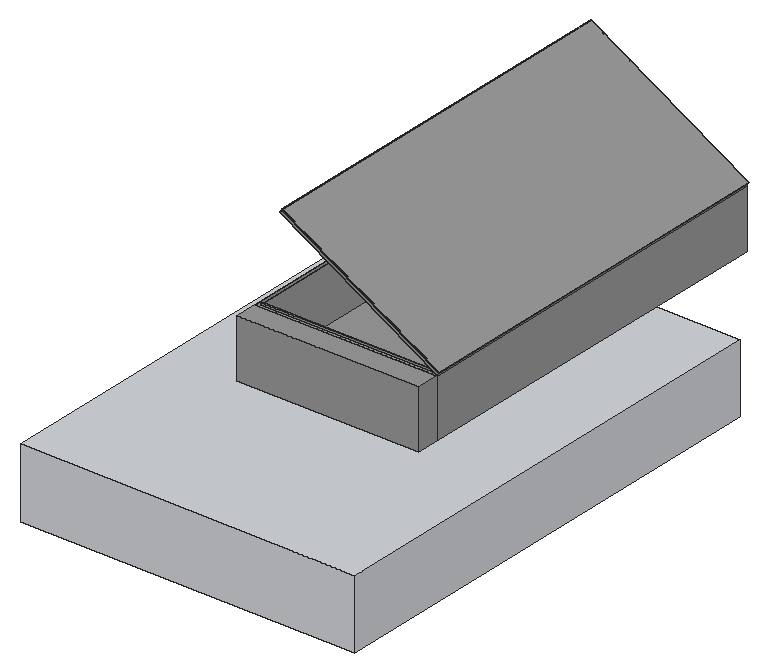
Revit family "Hager-Univers-IP55-D275-H1800-Cl.II-Steel_encl-CH-it", category Equipement électrique, Revit 2020
Family settings
  Hôte = Face
  Configuration du panneau = Deux colonnes, circuits au sein
  Cote de connecteur circulaire = Utiliser le diamètre
  Type d'élément = Tableau de raccordement
  Couper avec des vides une fois chargée = Non
  Partagée = Non
  Point de calcul de pièce = Non
Parameters (values of type "montaggio a pavimento IP55 L800 A1800 P275  - FR13S1")
  Width Control [instance] = if([EF000008 - Larghezza] > Min Width, [EF000008 - Larghezza], Min Width)  # 800 mm
  Commentaires du type = [HG000003 - Gamma]  # "Univers"
  Thickness Door [instance] = if([EF009171 - spessore materiale porta/coperchio] > 3 mm, 3 mm, [EF009171 - spessore materiale porta/coperchio])  # 1.5 mm
  Seal Frame Offset [instance] = 17 mm  # constant formula
  Plinth Visibility [instance] = [HG000027 - Altezza dello zoccolo] > 0 mm  # yes
  Model = ""
  Min Width [instance] = 100 mm  # constant formula
  Min Height [instance] = 100 mm  # constant formula
  Min Depth [instance] = (2 * [EF009170 - spessore materiale scatola]) + 1 mm  # 4 mm
  Internal Frame Depth [instance] = (Door System Depth * 0.5)  # 9 mm
  Height Control [instance] = if([EF000040 - Altezza] > Min Height, [EF000040 - Altezza], Min Height)  # 1800 mm
  HG000027 - Altezza dello zoccolo = 100 mm
  HG000026 - A pavimento = yes
  HG000024 - Altezza della sezione inferiore = 800 mm
  HG000023 - Custodia a doppia sezione = no
  HG000016 - Visibilità delle porte nella vista 3D [instance] = yes
  HG000015 - Visibilità attraverso la porta [instance] = no
  HG000014 - Porta destra [instance] = yes
  HG000013 - Porta sinistra [instance] = not([HG000014 - Porta destra])  # no
  HG000012 - Angolo di apertura della porta [instance] = 30.00°
  HG000010 - Porte asimmetriche = no
  HG000009 - Porta doppia a battente = no
  HG000006 - Ad incasso = no
  HG000004 - Codice produttore = "FR13S1"
  HG000003 - Gamma = "Univers"
  HG000002 - Con porta = yes
  Frame Offset Bottom [instance] = 10 mm  # constant formula
  Frame Offset [instance] = 15 mm  # constant formula
  EF015940 - Coprire con rilascio di sovrapressione = no
  EF011959 - tipo di protezione (NEMA) = ""
  EF009554 - numero delle aperture per la piastra della flangia = 6
  Fabricant = "Hager"  # constant formula
  EF009212 - esecuzione coperchio = "EV000116 - chiuso"
  EF009171 - spessore materiale porta/coperchio = 1.5 mm
  EF009170 - spessore materiale scatola = 1.5 mm
  EF008873 - corrente nominale (In) = 800 A
  EF007800 - adatto per parafulmine = no
  EF006306 - con serratura = no
  EF006244 - coperchio/porta trasparente = no
  EF005474 - grado di protezione (IP) = "EV006420 - IP55"
  EF004464 - tipo di porta = "EV002646 - singolo"
  EF004427 - numero di moduli = 396
  EF004293 - resistenza agli urti = "EV008784 - IK10"
  EF003532 - adatto per uso esterno = no
  EF002950 - Numero moduli DIN = 24
  EF001613 - Integrità del circuito = "EV000494 - senza"
  EF001596 - Attacco Lampada = "EV000179 - acciaio"
  EF001131 - profondità interna = 275 mm
  EF001088 - possibilità di applicazione = yes
  EF000437 - numero di ingressi per conduttori = 6
  EF000339 - tipo di copertura = "EV004216 - porta"
  EF000266 - numero di file = 11
  EF000218 - profondità di incasso = 0 mm
  EF000118 - con piastra di montaggio = no
  EF000116 - numero RAL = "7035"
  EF000049 - profondità = 275 mm
  EF000040 - Altezza = 1800 mm
  EF000008 - Larghezza = 800 mm
  EF000007 - colore = "EV000270 - grigio"
  EF000003 - Tipo di montaggio = "EV012274 - montaggio a pavimento"
  Door System Leaf Tolerance [instance] = 1.5 mm  # constant formula
  Door System Depth [instance] = 18 mm  # constant formula
  Door Height [instance] = Height Control - [HG000027 - Altezza dello zoccolo]  # 1700 mm
  Depth Control [instance] = if([EF000049 - profondità] > Min Depth, [EF000049 - profondità], Min Depth)  # 275 mm
  Default Elevation = 0 mm
  Connector Offset [instance] = Height Control / 2  # 900 mm
  Bottom Top Plate Trim [instance] = 1.5 mm  # constant formula
  Plinth height Ctrl [instance] = if([HG000027 - Altezza dello zoccolo] > 0 mm, [HG000027 - Altezza dello zoccolo], 12 mm)  # 100 mm
Types (5, lengths in mm): name | Width Control | HG000010 - Porte asimmetriche | HG000009 - Porta doppia a battente | HG000004 - Codice produttore | EF009554 - numero delle aperture per la piastra della flangia | EF004464 - tipo di porta | EF004427 - numero di moduli | EF000437 - numero di ingressi per conduttori | EF000008 - Larghezza
  montaggio a pavimento IP55 L1050 A1800 P275  - FR14S1 | 1050 | yes | yes | "FR14S1" | 8 | "EV003602 - doppio" | 528 | 8 | 1050
  montaggio a pavimento IP55 L1300 A1800 P275  - FR15S1 | 1300 | yes | yes | "FR15S1" | 10 | "EV003602 - doppio" | 660 | 10 | 1300
  montaggio a pavimento IP55 L300 A1800 P275  - FR11S1 | 300 | no | no | "FR11S1" | 2 | "EV002646 - singolo" | 132 | 2 | 300
  montaggio a pavimento IP55 L550 A1800 P275  - FR12S1 | 550 | no | no | "FR12S1" | 4 | "EV002646 - singolo" | 264 | 4 | 550
  montaggio a pavimento IP55 L800 A1800 P275  - FR13S1 | 800 | no | no | "FR13S1" | 6 | "EV002646 - singolo" | 396 | 6 | 800
Reference planes
  plane 1 "Center (Front/Back)": y = 0
  plane 2: z = 0
  plane 3 "Center (Left/Right)": x = 0
  plane 4: z = 275
  plane 5: y = 101.5
  plane 6: y = 950
  plane 7: y = 100
  plane 8: y = 1800
  plane 9: z = 0
  plane 10: x = -385
  plane 11: x = 385
  plane 12: x = 383.5
  plane 13: x = -383.5
  plane 14: y = 1798.5
  plane 15: x = -383
  plane 16: x = -400
  plane 17: x = 383
  plane 18: x = 400
  plane 19: x = 398.5
  plane 20: x = -398.5
  plane 21: y = 111.5
  plane 22: y = 1800
  plane 23: y = 1783.5
  plane 24: z = 257
  plane 25: z = 1.5
  plane 26: z = 255.5
  plane 27: z = 273.5
Forms (mm)
  Extrusion 1, solid
    sketch origin (0, 0, 0) x (1, 0, 0) y (0, 1, 0)
      loop
        line (-702.964, 1305) -> (-702.964, -811.445) -> (766.763, -811.445) -> (766.763, 1305) -> (-702.964, 1305)
    from 0 to -304.8
  Extrusion 2, solid, material "Hager_Steel_RAL7035_Light_Grey", visible <- "Plinth Visibility", detail levels medium+fine
    sketch origin (0, 0, 0) x (1, 0, 0) y (0, 1, 0)
      loop
        line (-400, 0) -> (400, 0) -> (400, 100) -> (-400, 100) -> (-400, 0)
    from 0 to 257
  Extrusion 3, solid, material "Hager_Steel_RAL7035_Light_Grey", detail levels medium+fine
    sketch origin (0, 0, 0) x (1, 0, 0) y (0, 1, 0)
      loop
        line (-400, 100) -> (400, 100) -> (400, 1800) -> (-400, 1800) -> (-400, 100)
    from 0 to 257
  Extrusion 4, void
    sketch origin (0, 0, 0) x (1, 0, 0) y (0, 1, 0)
      loop
        line (-398.5, 101.5) -> (398.5, 101.5) -> (398.5, 1798.5) -> (-398.5, 1798.5) -> (-398.5, 101.5)
    from 1.5 to 255.5
  Extrusion 5, void
    sketch origin (-381.607, -4572, 257) x (0, -1, 0) y (-1, 0, 0)
      loop
        line (-4683.5, 1.893) -> (-6355.5, 1.893) -> (-6355.5, -765.107) -> (-4683.5, -765.107) -> (-4683.5, 1.893)
    from 0 to 1.5 <- "EF009170 - spessore materiale scatola"
  Extrusion 6, solid, material "Hager_Steel_RAL7035_Light_Grey", detail levels fine
    sketch origin (0, 0, 257) x (1, 0, 0) y (0, 1, 0)
      loop
        line (-383.5, 1783.5) -> (-383.5, 111.5) -> (383.5, 111.5) -> (383.5, 1783.5) -> (-383.5, 1783.5)
      loop
        line (-385, 110) -> (385, 110) -> (385, 1785) -> (-385, 1785) -> (-385, 110)
    from 0 to 9 <- "Internal Frame Depth"
  Extrusion 7, solid, material "Hager_Steel_RAL7035_Light_Grey", detail levels coarse
    sketch origin (0, 0, 0) x (1, 0, 0) y (0, 1, 0)
      loop
        line (-400, 0) -> (400, 0) -> (400, 1800) -> (-400, 1800) -> (-400, 0)
    from 0 to 275
  Sweep 8, void
    path in 3D
      loop
        line (-400, 100, 0) -> (400, 100, 0) -> (400, 100, 257) -> (-400, 100, 257) -> (-400, 100, 0)
    profile origin (-400, 100, 128.5) x (-1, 0, 0) y (0, -1, 0)
      loop
        line (0, 0) -> (0, 1.5) -> (-1.5, 1.5)
        arc (-1.5, 1.5) -> (-1.061, 0.439) -> (0, 0) r 1.5
Cuts and joins
  Extrusion 4, Extrusion 5 cuts Extrusion 3
  Sweep 8 cuts Extrusion 2
Lines and regions (mm)
  Masking region 1
    outline origin (0, 0, 0) x (1, 0, 0) y (0, 0, 1)
      loop
        line (-400, 275) -> (-400, 0) -> (400, 0) -> (400, 275) -> (-400, 275)
  Masking region 2, detail levels medium+fine
    outline origin (0, 140, 0) x (0, 1, 0) y (0, 0, 1)
      loop
        line (-40, 0) -> (1660, 0) -> (1660, 257) -> (-40, 257) -> (-40, 0)
  Masking region 3, not visible, detail levels medium+fine
    outline origin (0, 297.922, 0) x (0, 1, 0) y (0, 0, 1)
      loop
        line (663.578, 0) -> (703.578, 0) -> (703.578, 263.5)
        arc (703.578, 263.5) -> (700.649, 270.571) -> (693.578, 273.5) r 10
        line (693.578, 273.5) -> (663.578, 273.5) -> (663.578, 0)
  Masking region 4, detail levels coarse
    outline origin (0, 0, 180) x (0, 1, 0) y (0, 0, 1)
      loop
        line (0, -180) -> (1800, -180) -> (1800, 95) -> (0, 95) -> (0, -180)
  Masking region 5, visible <- "Plinth Visibility", detail levels medium+fine
    outline origin (0, 52.24, 12.345) x (0, 0, -1) y (0, 1, 0)
      loop
        line (10.845, 47.76) -> (-243.155, 47.76)
        arc (-243.155, 47.76) -> (-243.594, 46.699) -> (-244.655, 46.26) r 1.5
        line (-244.655, 46.26) -> (-244.655, -52.24) -> (12.345, -52.24) -> (12.345, 46.26)
        arc (12.345, 46.26) -> (11.285, 46.699) -> (10.845, 47.76) r 1.5
  Masking region 6, detail levels medium+fine
    outline origin (-381.607, -4572, 257) x (-1, 0, 0) y (0, -1, 0)
      loop
        line (18.393, -6372) -> (18.393, -4672) -> (-781.607, -4672) -> (-781.607, -6372) -> (18.393, -6372)
  Masking region 7, visible <- "Plinth Visibility", detail levels medium+fine
    outline origin (-381.607, -4727, 257) x (-1, 0, 0) y (0, -1, 0)
      loop
        arc (16.893, -4827) -> (17.332, -4825.939) -> (18.393, -4825.5) r 1.5
        line (18.393, -4825.5) -> (18.393, -4727) -> (-781.607, -4727) -> (-781.607, -4825.5)
        arc (-781.607, -4825.5) -> (-780.546, -4825.939) -> (-780.107, -4827) r 1.5
        line (-780.107, -4827) -> (16.893, -4827)
  Masking region 8, detail levels coarse
    outline origin (-442.548, -4669.526, 257) x (-1, 0, 0) y (0, -1, 0)
      loop
        line (-42.548, -6469.526) -> (-42.548, -4669.526) -> (-842.548, -4669.526) -> (-842.548, -6469.526) -> (-42.548, -6469.526)
  sketch lines
    curve 1: line (-400, 100, 257) -> (-400, 100, 0)
    curve 2: line (400, 100, 257) -> (-400, 100, 257)
    curve 3: line (400, 100, 257) -> (400, 100, 0)
    curve 4: line (-400, 100, 0) -> (400, 100, 0)
Dimensions and locks
  "Depth Control": plane 4 to Extrusion 1
  "HG000027 - Altezza dello zoccolo": plane 1 "Center (Front/Back)" to plane 7
  "EF009170 - spessore materiale scatola": plane 5 to plane 7
  locked: connector elem to plane 3 "Center (Left/Right)"
  equal spacing: plane 8, plane 6, plane 7
  locked: connector elem to plane 6
  "EF009170 - spessore materiale scatola": plane 8 to plane 14
  "EF009170 - spessore materiale scatola": plane 10 to plane 13
  "EF009170 - spessore materiale scatola": plane 12 to plane 11
  "Frame Offset": plane 20 to plane 13
  "Frame Offset": plane 12 to plane 19
  "EF009170 - spessore materiale scatola": plane 16 to plane 20
  "EF009170 - spessore materiale scatola": plane 19 to plane 18
  "Seal Frame Offset": plane 16 to plane 15
  "Seal Frame Offset": plane 17 to plane 18
  "Frame Offset Bottom": plane 21 to plane 5
  "Frame Offset": plane 14 to plane 23
  equal spacing: plane 16, plane 3 "Center (Left/Right)", plane 18
  "Width Control": plane 16 to plane 18
  "EF009170 - spessore materiale scatola": plane 4 to plane 27
  "EF009170 - spessore materiale scatola": plane 24 to plane 26
  "EF009170 - spessore materiale scatola": plane 25 to level
  "Door System Depth": plane 4 to plane 24
  "Height Control": plane 1 "Center (Front/Back)" to Extrusion 7 sketch curve
  "Height Control": Masking region 4 sketch curve to plane 1 "Center (Front/Back)"
  "Height Control": plane 1 "Center (Front/Back)" to plane 22
  "Bottom Top Plate Trim": profile plane to Sweep 8 sketch curve
  "Bottom Top Plate Trim": Sweep 8 sketch curve to profile plane
  "Plinth height Ctrl": plane 1 "Center (Front/Back)" to Extrusion 2 sketch curve
  "Plinth height Ctrl": Masking region 5 sketch curve to plane 1 "Center (Front/Back)"
  "Plinth height Ctrl": plane 1 "Center (Front/Back)" to Masking region 7 sketch curve
  "Thickness Door": Extrusion 6 sketch curve to Extrusion 6 sketch curve  (x3)
  "Thickness Door": cut or joined group of Extrusion 3, Extrusion 4, Extrusion 5 to Extrusion 6 sketch curve
  radius of Masking region 3 sketch curve = 10 mm
  "Bottom Top Plate Trim": radius of Masking region 5 sketch curve  (x2)
  "Bottom Top Plate Trim": radius of Sweep 8 sketch curve
  "Bottom Top Plate Trim": radius of Masking region 7 sketch curve  (x2)
  aligned and locked: plane 2 to Extrusion 1
  aligned and locked: level to Extrusion 1
  aligned and locked: level to Masking region 1 sketch curve
  aligned and locked: Masking region 1 sketch curve to plane 18
  aligned and locked: Masking region 1 sketch curve to plane 16
  aligned and locked: plane 7 to Masking region 2 sketch curve
  aligned and locked: level to Masking region 3 sketch curve
  aligned and locked: Masking region 3 sketch curve to plane 27
  aligned and locked: level to Masking region 2 sketch curve
  aligned and locked: plane 1 "Center (Front/Back)" to Extrusion 2 sketch curve
  aligned and locked: Extrusion 3 sketch curve to plane 7
  aligned and locked: plane 16 to Extrusion 3 sketch curve
  aligned and locked: plane 18 to Extrusion 3 sketch curve
  aligned and locked: plane 20 to Extrusion 4 sketch curve
  aligned and locked: plane 19 to Extrusion 4 sketch curve
  aligned and locked: Extrusion 4 sketch curve to plane 5
  aligned and locked: Extrusion 4 to plane 25
  aligned and locked: plane 26 to Extrusion 4
  aligned and locked: plane 24 to Extrusion 3
  aligned and locked: Extrusion 5 sketch curve to plane 21
  aligned and locked: Extrusion 5 sketch curve to plane 13
  aligned and locked: Extrusion 5 sketch curve to plane 12
  aligned and locked: plane 18 to Extrusion 7 sketch curve
  aligned and locked: plane 1 "Center (Front/Back)" to Extrusion 7 sketch curve
  aligned and locked: plane 16 to Extrusion 7 sketch curve
  aligned and locked: plane 4 to Extrusion 7
  aligned and locked: Extrusion 7 to level
  aligned and locked: level to Masking region 4 sketch curve
  aligned and locked: Masking region 4 sketch curve to plane 1 "Center (Front/Back)"
  aligned and locked: Masking region 4 sketch curve to plane 4
  aligned and locked: nested 1 to level
  aligned and locked: nested 1 to plane 16
  aligned and locked: plane 8 to Extrusion 3 sketch curve
  aligned and locked: plane 23 to Extrusion 5 sketch curve
  aligned and locked: plane 14 to Extrusion 4 sketch curve
  aligned and locked: Masking region 2 sketch curve to plane 8
  aligned and locked: level to Masking region 5 sketch curve
  aligned and locked: plane 16 to Extrusion 2 sketch curve
  aligned and locked: plane 18 to Extrusion 2 sketch curve
  aligned and locked: Masking region 5 sketch curve to plane 24
  aligned and locked: Masking region 2 sketch curve to plane 24
  aligned and locked: plane 24 to Extrusion 2
  aligned and locked: profile plane to Sweep 8 sketch curve  (x2)
  aligned and locked: Masking region 6 sketch curve to plane 18
  aligned and locked: Masking region 6 sketch curve to plane 22
  aligned and locked: Masking region 6 sketch curve to plane 16
  aligned and locked: plane 8 to plane 22
  aligned and locked: Masking region 6 sketch curve to plane 7
  aligned and locked: Masking region 7 sketch curve to plane 16
  aligned and locked: Masking region 7 sketch curve to plane 1 "Center (Front/Back)"
  aligned and locked: Masking region 7 sketch curve to plane 18
  aligned and locked: Masking region 8 sketch curve to plane 1 "Center (Front/Back)"
  aligned and locked: Masking region 8 sketch curve to plane 18
  aligned and locked: Masking region 8 sketch curve to plane 22
  aligned and locked: Masking region 8 sketch curve to plane 16
  aligned and locked: nested 2 to plane 7
  aligned and locked: plane 3 "Center (Left/Right)" to nested 2
  aligned and locked: nested 2 to plane 24
  aligned and locked: Extrusion 6 sketch curve to cut or joined group of Extrusion 3, Extrusion 4, Extrusion 5  (x4)
Automatic sketch dimensions
  Extrusion 1 sketch curve to Extrusion 1 sketch curve = 1469.727 mm
  Extrusion 1 sketch curve to Extrusion 1 sketch curve = 2116.445 mm
  Masking region 1 sketch curve to plane 4 = 0 mm
  plane 6 to Masking region 3 sketch curve = 11.5 mm
  Masking region 3 sketch curve to Masking region 3 sketch curve = 30 mm
  Masking region 5 sketch curve to plane 1 "Center (Front/Back)" = 0 mm
Nested families
  nested 1: "Hager_Enclosure_Symbol" at (-400, 0, 0) x (1, 0, 0) z (0, -1, 0), Height <- "Depth Control", Width <- "Width Control", type "Hager_Enclosure_Symbol"
    with Width_Ctrl 800 mm, Width 800 mm, Height_Ctrl 275 mm, Height 275 mm, A_Width_Int 18.047 mm, A_Width 216.562 mm, A_Height_Ctrl 240.625 mm, A_Height 240.625 mm
  nested 2: "EC000058_Univers_Door" at (0, 100, 257) x (1, 0, 0) z (0, 1, 0), Leaf_Tolerance <- "Door System Leaf Tolerance", Angle <- "HG000012 - Angolo di apertura della porta", Door_Depth <- "Door System Depth", Door_Left <- "HG000013 - Porta sinistra", Transparent <- "EF006244 - coperchio/porta trasparente", Assymetrical <- "HG000010 - Porte asimmetriche", Width <- "Width Control", Clearance <- "HG000015 - Visibilità attraverso la porta", Double <- "HG000009 - Porta doppia a battente", 3d_Door <- "HG000016 - Visibilità delle porte nella vista 3D", Lock_Visibility <- "EF006306 - con serratura", Width_Ctrl <- "Width Control", Door_Right <- "HG000014 - Porta destra", Door <- "HG000002 - Con porta", Height <- "Door Height", Thickness <- "Thickness Door", type "EC000058_Univers_Door", detail levels medium+fine
    with min_wh 4 mm, Width_Ctrl 800 mm, Width 800 mm, Transparent no, Thickness 1.5 mm, Seal_Material Hager_Rubber, Lock_Visibility no, Lock_Material Hager_Plastic_RAL9005_Jet_Black, Leaf_Width 800 mm, Leaf_Tolerance_External_Sides 0 mm, Leaf_Tolerance 1.5 mm, Leaf_Offset 0 mm, Leaf_Height 1697 mm, Leaf_2_Width 800 mm, Leaf_2_Offset 400 mm, Leaf_1_Width 800 mm, Leaf_1_Offset 400 mm, Height_Ctrl 1700 mm, Height 1700 mm, Glass_Material Hager_Glass, Double_Clearance_Ctrl no, Double no, Door_Right_Ctrl yes, Door_Right yes, Door_Material Hager_Steel_RAL7035_Light_Grey, Door_Left_Ctrl no, Door_Left no, Door_Depth 18 mm, Door yes, Clearance_Material Hager_Clearance, Clearance_Depth 800 mm, Clearance_Ctrl no, Clearance no, Assymetrical no, Angle 30.00°, 3d_Door yes
Connectors
  electrical at (0, 950, 0)
    settings: on plane 9, index 1, voltage 0 V, apparent load 0 VA, apparent load phase1 0 VA, apparent load phase2 0 VA, apparent load phase3 0 VA, power factor 1, load classification "Other", number of poles 1, system type 30, power factor state 1, is connector primary yes, connector utility no, sub classification motor no, connector description ""
Definition of nested family "EC000058_Univers_Door"
  Parameters (values of type "EC000058_Univers_Door")
    min_wh [instance] = (2 * Thickness) + 1 mm  # 11 mm
    Width_Ctrl [instance] = 400 mm
    Width [instance] = 500 mm
    Transparent [instance] = yes
    Thickness [instance] = 5 mm
    Seal_Material [instance] = none
    Lock_Visibility [instance] = yes
    Lock_Material [instance] = none
    Leaf_Width [instance] = if((Width_Ctrl - 2 * Leaf_Tolerance_External_Sides) > 0 mm, (Width_Ctrl - 2 * Leaf_Tolerance_External_Sides), min_wh)  # 400 mm
    Leaf_Tolerance_External_Sides [instance] = 0 mm  # constant formula
    Leaf_Tolerance [instance] = 1.5 mm
    Leaf_Offset [instance] = 0 mm  # constant formula
    Leaf_Height [instance] = if((Height_Ctrl - 2 * Leaf_Tolerance) > 0 mm, (Height_Ctrl - 2 * Leaf_Tolerance), min_wh)  # 497 mm
    Leaf_2_Width [instance] = if(and(and(Double, Assymetrical), Door_Left), (Leaf_Width / 3) - (Leaf_Tolerance / 2), if(and(and(Double, Assymetrical), Door_Right), (Leaf_Width / 3) * 2 - (Leaf_Tolerance / 2), if(and(Double, not(Assymetrical)), (Leaf_Width / 2) - Leaf_Tolerance, Leaf_Width)))  # 400 mm
    Leaf_2_Offset [instance] = if(and(Double, Assymetrical), Leaf_2_Width / 2, if(and(Double, not(Assymetrical)), Leaf_Width / 4, Leaf_Width / 2))  # 200 mm
    Leaf_1_Width [instance] = if(and(and(Double, Assymetrical), Door_Right), (Leaf_Width / 3) - (Leaf_Tolerance / 2), if(and(and(Double, Assymetrical), Door_Left), (Width / 3) * 2 - (Leaf_Tolerance / 2), if(and(Double, not(Assymetrical)), (Leaf_Width / 2) - Leaf_Tolerance, Leaf_Width)))  # 400 mm
    Leaf_1_Offset [instance] = if(and(Double, Assymetrical), Leaf_1_Width / 2, if(and(Double, not(Assymetrical)), Leaf_Width / 4, Leaf_Width / 2))  # 200 mm
    Height_Ctrl [instance] = if(Height > min_wh, Height, min_wh)  # 500 mm
    Height [instance] = 500 mm
    Glass_Material [instance] = none
    Double_Clearance_Ctrl [instance] = and(Double, Clearance)  # no
    Double [instance] = no
    Door_Right_Ctrl [instance] = and(or(Door_Right, Double), Door)  # yes
    Door_Right [instance] = yes
    Door_Material [instance] = none
    Door_Left_Ctrl [instance] = and(or(Door_Left, Double), Door)  # no
    Door_Left [instance] = no
    Door_Depth [instance] = 30 mm
    Door [instance] = yes
    Default Elevation = 1219.2 mm
    Clearance_Material [instance] = none
    Clearance_Depth [instance] = if(Leaf_1_Width > Leaf_2_Width, Leaf_1_Width, Leaf_2_Width)  # 400 mm
    Clearance_Ctrl [instance] = and(not(Double), Clearance)  # yes
    Clearance [instance] = yes
    Assymetrical [instance] = yes
    Angle [instance] = 30.00°
    3d_Door [instance] = yes
  Reference planes
    plane 1 "Center (Front/Back)": y = 0
    plane 2 "Bottom": z = 0
    plane 3 "Center (Left/Right)": x = 0
    plane 4: z = 500
    plane 5: x = -200
    plane 6: x = 200
    plane 7: z = 500
    plane 8: x = -200
    plane 9: z = 0
    plane 10: x = 200
    plane 11: y = 0
    plane 12: z = 1.5
    plane 13: x = -600
    plane 14: y = -400
    plane 15: x = 600
    plane 16: x = 0
    plane 17: x = 0
    plane 18: x = -200
    plane 19: x = 200
    plane 20: z = 498.5
  Forms (mm)
    Extrusion 1, solid, material <- "Clearance_Material", visible <- "Double_Clearance_Ctrl"
      sketch origin (1200, 0, 0) x (1, 0, 0) y (0, 0, -1)
        loop
          line (-1800, -498.5) -> (-600, -498.5) -> (-600, 0) -> (-1800, 0) -> (-1800, -498.5)
      from 0 to -400
  Dimensions and locks
    equal spacing: plane 5, plane 3 "Center (Left/Right)", plane 6
    "Width_Ctrl": plane 5 to plane 6
    "Leaf_Offset": plane 5 to plane 8
    "Leaf_Offset": plane 6 to plane 10
    "Leaf_Offset": plane 9 to level
    "Leaf_Offset": plane 4 to plane 7
    "Height_Ctrl": plane 4 to level
    "Leaf_Tolerance": plane 12 to plane 9
    locked: plane 11 to plane 1 "Center (Front/Back)"
    "Leaf_1_Offset": plane 18 to plane 16
    "Leaf_2_Offset": plane 17 to plane 19
    "Leaf_1_Width": plane 13 to plane 8
    "Leaf_2_Width": plane 10 to plane 15
    "Clearance_Depth": plane 14 to plane 1 "Center (Front/Back)"
    "Leaf_Tolerance_External_Sides": plane 8 to plane 18
    "Leaf_Tolerance_External_Sides": plane 19 to plane 10
    "Leaf_Tolerance": plane 7 to plane 20
    aligned and locked: level to plane 2 "Bottom"
    aligned and locked: nested 1 to plane 16
    aligned and locked: nested 2 to plane 17
    aligned and locked: Extrusion 1 to plane 13
    aligned and locked: plane 15 to Extrusion 1
    aligned and locked: Extrusion 1 to plane 14
    aligned and locked: plane 12 to nested 1
    aligned and locked: nested 2 to plane 12
    aligned and locked: Extrusion 1 to plane 11
    aligned and locked: plane 20 to Extrusion 1
    aligned and locked: nested 2 to plane 11
    aligned and locked: nested 1 to plane 11
  Automatic sketch dimensions
    Extrusion 1 sketch curve to level = 0 mm
    plane 5 to Extrusion 1 sketch curve = 400 mm
    plane 6 to Extrusion 1 sketch curve = 400 mm
    Extrusion 1 sketch curve to plane 4 = 1.5 mm
  Nested families
    nested 1: "EC000058_Univers_Door_Leaf" at (0, 0, 1.5), Width <- "Leaf_1_Width", visible <- "Door_Left_Ctrl", Leaf_Height <- "Leaf_Height", Angle <- "Angle", 3d_Door <- "3d_Door", Transparent <- "Transparent", Clearance Material <- "Clearance_Material", Clearance <- "Clearance_Ctrl", Door_Material <- "Door_Material", Glass_Material <- "Glass_Material", Door_Depth <- "Door_Depth", Lock_Material <- "Lock_Material", Seal_Material <- "Seal_Material", Lock_Visibility <- "Lock_Visibility", Thickness <- "Thickness", type "EC000058_Univers_Door_Leaf"
      with Width 400 mm, Transparent_Glass_Offset 30 mm, Transparent_Ctrl yes, Transparent yes, Thickness 5 mm, Standard no, Seal_Material none, Seal_D2 8 mm, Seal_D1 1 mm, Offset_Internal_Frame 10 mm, Lock_Width 20 mm, Lock_Visibility_3d yes, Lock_Visibility yes, Lock_Thickness_3 3 mm, Lock_Thickness_2 1 mm, Lock_Thickness_1 3 mm, Lock_Radius_Offset_2 16 mm, Lock_Radius_Offset_1 15 mm, Lock_Radius_2 5 mm, Lock_Radius 6 mm, Lock_Offset 5 mm, Lock_Material none, Lock_Height 80 mm, Lock_Cover_Top_Offset_2d 17 mm, Lock_Cover_Height -65 mm, Leaf_Height 497 mm, Internal_Seal_Thickness 8 mm, Internal_Seal_Depth_2 4.5 mm, Internal_Frame_Depth 25 mm, Glass_Thickness -1 mm, Glass_Offset -2 mm, Glass_Material none, Door_Material none, Door_Depth 30 mm, Clearance Material none, Clearance yes, Angle_Ctrl 30.00°, Angle 30.00°, 3d_Door yes
    nested 2: "EC000058_Univers_Door_Leaf" at (0, 0, 1.5) x (-1, 0, 0) z (0, 0, 1), Width <- "Leaf_2_Width", visible <- "Door_Right_Ctrl", Leaf_Height <- "Leaf_Height", Angle <- "Angle", 3d_Door <- "3d_Door", Transparent <- "Transparent", Clearance Material <- "Clearance_Material", Clearance <- "Clearance_Ctrl", Door_Material <- "Door_Material", Glass_Material <- "Glass_Material", Door_Depth <- "Door_Depth", Lock_Material <- "Lock_Material", Seal_Material <- "Seal_Material", Lock_Visibility <- "Lock_Visibility", Thickness <- "Thickness", type "EC000058_Univers_Door_Leaf"
      with Width 400 mm, Transparent_Glass_Offset 30 mm, Transparent_Ctrl yes, Transparent yes, Thickness 5 mm, Standard no, Seal_Material none, Seal_D2 8 mm, Seal_D1 1 mm, Offset_Internal_Frame 10 mm, Lock_Width 20 mm, Lock_Visibility_3d yes, Lock_Visibility yes, Lock_Thickness_3 3 mm, Lock_Thickness_2 1 mm, Lock_Thickness_1 3 mm, Lock_Radius_Offset_2 16 mm, Lock_Radius_Offset_1 15 mm, Lock_Radius_2 5 mm, Lock_Radius 6 mm, Lock_Offset 5 mm, Lock_Material none, Lock_Height 80 mm, Lock_Cover_Top_Offset_2d 17 mm, Lock_Cover_Height -65 mm, Leaf_Height 497 mm, Internal_Seal_Thickness 8 mm, Internal_Seal_Depth_2 4.5 mm, Internal_Frame_Depth 25 mm, Glass_Thickness -1 mm, Glass_Offset -2 mm, Glass_Material none, Door_Material none, Door_Depth 30 mm, Clearance Material none, Clearance yes, Angle_Ctrl 30.00°, Angle 30.00°, 3d_Door yes
  Definition of nested family "EC000058_Univers_Door_Leaf"
    Parameters (values of type "EC000058_Univers_Door_Leaf")
      Width [instance] = 2000 mm
      Transparent_Glass_Offset [instance] = 30 mm
      Transparent_Ctrl [instance] = and(Transparent, [3d_Door])  # yes
      Transparent [instance] = yes
      Thickness [instance] = 5 mm
      Standard [instance] = and(not(Transparent), [3d_Door])  # no
      Seal_Material [instance] = none
      Seal_D2 [instance] = 8 mm  # constant formula
      Seal_D1 [instance] = 1 mm  # constant formula
      Offset_Internal_Frame [instance] = 10 mm  # constant formula
      Lock_Width [instance] = 20 mm  # constant formula
      Lock_Visibility_3d [instance] = and(Lock_Visibility, [3d_Door])  # yes
      Lock_Visibility [instance] = yes
      Lock_Thickness_3 [instance] = 3 mm  # constant formula
      Lock_Thickness_2 [instance] = 1 mm  # constant formula
      Lock_Thickness_1 [instance] = 3 mm  # constant formula
      Lock_Radius_Offset_2 [instance] = Lock_Radius_Offset_1 + 1 mm  # 16 mm
      Lock_Radius_Offset_1 [instance] = 15 mm  # constant formula
      Lock_Radius_2 [instance] = Lock_Radius - 1 mm  # 5 mm
      Lock_Radius [instance] = 6 mm  # constant formula
      Lock_Offset [instance] = 5 mm  # constant formula
      Lock_Material [instance] = none
      Lock_Height [instance] = 80 mm  # constant formula
      Lock_Cover_Top_Offset_2d [instance] = Lock_Radius_Offset_2 + 1 mm  # 17 mm
      Lock_Cover_Height [instance] = -(Lock_Height - Lock_Radius_Offset_1)  # -65 mm
      Leaf_Height [instance] = 2720.336 mm
      Internal_Seal_Thickness [instance] = 8 mm  # constant formula
      Internal_Seal_Depth_2 [instance] = 4.5 mm  # constant formula
      Internal_Frame_Depth [instance] = if(Door_Depth - Thickness > 5 mm, Door_Depth - Thickness, 5 mm)  # 25 mm
      Glass_Thickness [instance] = if(Thickness > 15 mm, Glass_Offset + 10 mm, -1 mm)  # -1 mm
      Glass_Offset [instance] = if(Thickness > 15 mm, -(Thickness + 10 mm) / 2, -2 mm)  # -2 mm
      Glass_Material [instance] = none
      Door_Material [instance] = none
      Door_Depth [instance] = 30 mm
      Default Elevation = 0 mm
      Clearance Material [instance] = none
      Clearance [instance] = yes
      Angle_Ctrl [instance] = if(Angle > 180.00°, 180.00°, Angle)  # 90.00°
      Angle [instance] = 90.00°
      3d_Door [instance] = yes
    Reference planes
      plane 1 "Center (Front/Back)": y = 0
      plane 2: z = 0
      plane 3 "Center (Left/Right)": x = 0
      plane 4: y = 2000
      plane 5: x = -1000
      plane 6: x = 1000
      plane 7: x = -3000
      plane 8: z = 2720.336
      plane 9: z = 30
      plane 10: z = 2690.336
      plane 11: x = 970
      plane 12: x = -970
      plane 13: y = -3
      plane 14: z = 107.833
      plane 15: y = -5
      plane 16: y = -223.314
      plane 17: x = -1000
      plane 18: z = 1360.168
      plane 19: y = 30
    Forms (mm)
      Extrusion 1, solid, material <- "Clearance Material", visible <- "Clearance"
        sketch origin (0, 0, 0) x (1, 0, 0) y (0, 0, 1)
          loop
            line (-3000, 2720.336) -> (-3000, 0) -> (1000, 0) -> (1000, 2720.336) -> (-3000, 2720.336)
        from 0 to -2000
      Extrusion 2, solid, material <- "Door_Material", visible <- "Standard", detail levels medium+fine
        sketch origin (-1000, 0, 0) x (0, 1, 0) y (-1, 0, 0)
          loop
            line (0, 30) -> (0, 25) -> (2000, 25) -> (2000, 30) -> (0, 30)
        from 0 to 2720.336 <- "Leaf_Height"
      Extrusion 3, solid, material <- "Door_Material", visible <- "Transparent_Ctrl", detail levels medium+fine
        sketch origin (-1000, 0, 0) x (0, 1, 0) y (-1, 0, 0)
          loop
            line (0, 25) -> (2000, 25) -> (2000, 30) -> (0, 30) -> (0, 25)
        from 0 to 2720.336 <- "Leaf_Height"
      Extrusion 4, void
        sketch origin (-1025, 2000, 0) x (0, 1, 0) y (0, 0, -1)
          loop
            line (-30, -2690.336) -> (-30, -30) -> (-1970, -30) -> (-1970, -2690.336) -> (-30, -2690.336)
        from 0 to 5 <- "Thickness"
      Sweep 5, solid, material <- "Seal_Material", visible <- "Transparent_Ctrl", detail levels fine
        path in 3D
          loop
            line (-1025, 30, 30) -> (-1025, 30, 2690.336) -> (-1025, 1970, 2690.336) -> (-1025, 1970, 30) -> (-1025, 30, 30)
        profile origin (-1025, 1000, 30) x (1, 0, 0) y (0, 0, 1)
          loop
            line (0, 0) -> (0, -8) -> (1, -8) -> (1, 0) -> (0, 0)
      Extrusion 6, solid, material <- "Glass_Material", visible <- "Transparent_Ctrl", detail levels medium+fine
        sketch origin (-1030, 0, 0) x (0, 1, 0) y (0, 0, -1)
          loop
            line (1970, -2690.336) -> (1970, -30) -> (30, -30) -> (30, -2690.336) -> (1970, -2690.336)
        from -2 <- "Glass_Offset" to -1 <- "Glass_Thickness"
      Extrusion 7, solid, material <- "Door_Material", visible <- "3d_Door", detail levels medium+fine
        sketch origin (-1025, 2000, 0) x (0, -1, 0) y (0, 0, -1)
          loop
            line (0, -2720.336) -> (2000, -2720.336) -> (2000, 0) -> (0, 0) -> (0, -2720.336)
          loop
            line (1995, -5) -> (5, -5) -> (5, -2715.336) -> (1995, -2715.336) -> (1995, -5)
        from 0 to 25 <- "Internal_Frame_Depth"
      Sweep 8, solid, material <- "Seal_Material", visible <- "Transparent_Ctrl", detail levels fine
        path in 3D
          loop
            line (-1025, 0, 0) -> (-1025, 2000, 0) -> (-1025, 2000, 2720.336) -> (-1025, 0, 2720.336) -> (-1025, 0, 0)
        profile origin (-1025, 0, 1360.168) x (1, 0, 0) y (0, 1, 0)
          loop
            line (0, 10) -> (2.975, 10)
            arc (2.975, 10) -> (4.053, 10.447) -> (4.5, 11.525) r 1.525
            line (4.5, 11.525) -> (4.5, 16.527)
            arc (4.5, 16.527) -> (4.069, 17.569) -> (3.027, 18) r 1.473
            line (3.027, 18) -> (0, 18) -> (0, 10)
      Extrusion 9, solid, material <- "Lock_Material", visible <- "Lock_Visibility_3d", detail levels fine
        sketch origin (-1030, 0, 0) x (0, 1, 0) y (0, 0, -1)
          loop
            arc (1993.5, -1400.168) -> (1994.561, -1399.729) -> (1995, -1398.668) r 1.5
            line (1995, -1398.668) -> (1995, -1320.168) -> (1975, -1320.168) -> (1975, -1398.668)
            arc (1975, -1398.668) -> (1975.439, -1399.729) -> (1976.5, -1400.168) r 1.5
            line (1976.5, -1400.168) -> (1993.5, -1400.168)
        from 3 <- "Lock_Thickness_1" to 0
      Blend 10, solid, material <- "Lock_Material", visible <- "Lock_Visibility_3d", detail levels fine
        base sketch origin (-1033, 0, 0) x (0, 1, 0) y (0, 0, -1)
          loop
            line (1975, -1320.168) -> (1975, -1398.668)
            arc (1975, -1398.668) -> (1975.439, -1399.729) -> (1976.5, -1400.168) r 1.5
            line (1976.5, -1400.168) -> (1993.5, -1400.168)
            arc (1993.5, -1400.168) -> (1994.561, -1399.729) -> (1995, -1398.668) r 1.5
            line (1995, -1398.668) -> (1995, -1320.168) -> (1975, -1320.168)
        top sketch origin (-1033, 0, 0) x (0, 1, 0) y (0, 0, -1)
          loop
            line (1976, -1320.168) -> (1976, -1398.668)
            arc (1976, -1398.668) -> (1976.146, -1399.022) -> (1976.5, -1399.168) r 0.5
            line (1976.5, -1399.168) -> (1993.5, -1399.168)
            arc (1993.5, -1399.168) -> (1993.854, -1399.022) -> (1994, -1398.668) r 0.5
            line (1994, -1398.668) -> (1994, -1320.168) -> (1976, -1320.168)
        from 0 to 1 <- "Lock_Thickness_2"
      Blend 11, solid, material <- "Lock_Material", visible <- "Lock_Visibility_3d", detail levels fine
        base sketch origin (-1034, 0, 0) x (0, 1, 0) y (0, 0, -1)
          loop
            line (1978, -1320.168) -> (1978, -1384.168)
            arc (1978, -1384.168) -> (1985, -1391.168) -> (1992, -1384.168) r 7
            line (1992, -1384.168) -> (1992, -1320.168) -> (1978, -1320.168)
        top sketch origin (-1034, 0, 0) x (0, 1, 0) y (0, 0, -1)
          loop
            line (1991, -1320.168) -> (1979, -1320.168) -> (1979, -1383.168)
            arc (1979, -1383.168) -> (1985, -1389.168) -> (1991, -1383.168) r 6
            line (1991, -1383.168) -> (1991, -1320.168)
        from 0 to 3 <- "Lock_Thickness_3"
      Extrusion 12, solid, material <- "Lock_Material", visible <- "Lock_Visibility_3d", detail levels fine
        sketch origin (-1030, 1975, 1320.168) x (1, 0, 0) y (0, -1, 0)
          loop
            line (-7, -19) -> (-7, -1) -> (0, -1) -> (0, 0) -> (-8, 0) -> (-8, -20) -> (0, -20) -> (0, -19) -> (-7, -19)
        from 0 to -65 <- "Lock_Cover_Height"
      Extrusion 13, void
        sketch origin (-1038, 1995, 1320.168) x (-1, 0, 0) y (0, 0, -1)
          loop
            line (-5, -65) -> (0, -65) -> (-5, -60) -> (-5, -65)
        from 0 to 20 <- "Lock_Width"
      Extrusion 14, void
        sketch origin (-1038, 1975, 1320.168) x (0, -1, 0) y (0, 0, -1)
          loop
            circle (-10, -15.995) r 6
          loop
            circle (-10, -15.995) r 5
        from 0 to 2
      Extrusion 15, solid, material <- "Lock_Material", visible <- "Lock_Visibility_3d", detail levels medium
        sketch origin (-1030, 0, 0) x (0, 1, 0) y (0, 0, -1)
          loop
            arc (1993.5, -1400.168) -> (1994.561, -1399.729) -> (1995, -1398.668) r 1.5
            line (1995, -1398.668) -> (1995, -1320.168) -> (1975, -1320.168) -> (1975, -1398.668)
            arc (1975, -1398.668) -> (1975.439, -1399.729) -> (1976.5, -1400.168) r 1.5
            line (1976.5, -1400.168) -> (1993.5, -1400.168)
        from 8 to 0
    Cuts and joins
      Extrusion 4 cuts Extrusion 3
      Extrusion 13, Extrusion 14 cuts Extrusion 9
      Extrusion 14 cuts Blend 11
      Extrusion 13, Extrusion 14 cuts Extrusion 12
      joined: Extrusion 9, Blend 10, Blend 11, Extrusion 12
      Extrusion 14 cuts Extrusion 15
    Lines and regions (mm)
      Masking region 1, visible <- "Lock_Visibility", detail levels fine
        outline origin (0, 0, 0) x (0, 1, 0) y (0, 0, 1)
          loop
            line (30, 1320.168) -> (33, 1320.168) -> (33, 1400.168) -> (30, 1400.168) -> (30, 1320.168)
      Masking region 2, visible <- "Lock_Visibility", detail levels fine
        outline origin (0, 3.143, 0) x (0, 1, 0) y (0, 0, 1)
          loop
            line (29.857, 1354.168) -> (30.857, 1354.168) -> (30.857, 1366.168) -> (29.857, 1366.168) -> (29.857, 1354.168)
      Masking region 3, detail levels medium+fine
        outline origin (0, 0, 0) x (0, 1, 0) y (0, 0, 1)
          loop
            line (0, 0) -> (30, 0) -> (30, 2720.336) -> (0, 2720.336) -> (0, 0)
      Masking region 4, detail levels medium+fine
        outline origin (0, 0, 0) x (1, 0, 0) y (0, 0, 1)
          loop
            line (-1000, 2720.336) -> (-1000, 0) -> (1000, 0) -> (1000, 2720.336) -> (-1000, 2720.336)
      Masking region 5, visible <- "Lock_Visibility", detail levels fine
        outline origin (-47.116, 0, 0) x (1, 0, 0) y (0, 0, 1)
          loop
            arc (1024.616, 1399.168) -> (1023.556, 1398.729) -> (1023.116, 1397.668) r 1.5
            line (1023.116, 1397.668) -> (1023.116, 1320.168) -> (1041.116, 1320.168) -> (1041.116, 1397.668)
            arc (1041.116, 1397.668) -> (1040.677, 1398.729) -> (1039.616, 1399.168) r 1.5
            line (1039.616, 1399.168) -> (1024.616, 1399.168)
      Masking region 6, visible <- "Lock_Visibility", detail levels medium+fine
        outline origin (-25, 0, 0) x (1, 0, 0) y (0, 0, 1)
          loop
            arc (1001.5, 1400.168) -> (1000.439, 1399.729) -> (1000, 1398.668) r 1.5
            line (1000, 1398.668) -> (1000, 1320.168) -> (1020, 1320.168) -> (1020, 1398.668)
            arc (1020, 1398.668) -> (1019.561, 1399.729) -> (1018.5, 1400.168) r 1.5
            line (1018.5, 1400.168) -> (1001.5, 1400.168)
      Masking region 7, visible <- "Lock_Visibility", detail levels fine
        outline origin (-73.735, 0, 0) x (1, 0, 0) y (0, 0, 1)
          loop
            line (1051.735, 1382.168) -> (1065.735, 1382.168) -> (1065.735, 1384.168)
            arc (1065.735, 1384.168) -> (1058.735, 1391.168) -> (1051.735, 1384.168) r 7
            line (1051.735, 1384.168) -> (1051.735, 1382.168)
      Masking region 8, visible <- "Lock_Visibility", detail levels fine
        outline origin (-73.735, 0, 0) x (1, 0, 0) y (0, 0, 1)
          loop
            line (1052.735, 1382.168) -> (1064.735, 1382.168) -> (1064.735, 1383.168)
            arc (1064.735, 1383.168) -> (1058.735, 1389.168) -> (1052.735, 1383.168) r 6
            line (1052.735, 1383.168) -> (1052.735, 1382.168)
      Masking region 9, visible <- "Lock_Visibility", detail levels fine
        outline origin (-25, 0, 0) x (1, 0, 0) y (0, 0, 1)
          loop
            line (1020, 1320.168) -> (1020, 1382.168) -> (1000, 1382.168) -> (1000, 1320.168) -> (1020, 1320.168)
      Masking region 10, detail levels medium+fine
        outline origin (0, 0, 0) x (1, 0, 0) y (0, 0, 1)
          loop
            circle (985, 1335.144) r 6
      Masking region 11, detail levels fine
        outline origin (0, 0, 0) x (1, 0, 0) y (0, 0, 1)
          loop
            circle (985, 1335.144) r 5
      Masking region 12, visible <- "Lock_Visibility", detail levels fine
        outline origin (0, 12.767, 0) x (0, 1, 0) y (0, 0, 1)
          loop
            line (20.233, 1320.168) -> (21.233, 1320.168) -> (21.233, 1399.168) -> (20.233, 1400.168) -> (20.233, 1320.168)
      Masking region 13, visible <- "Lock_Visibility", detail levels fine
        outline origin (0, 13.767, -10) x (0, 1, 0) y (0, 0, 1)
          loop
            line (20.233, 1330.168) -> (23.233, 1330.168) -> (23.233, 1399.168) -> (20.233, 1402.168) -> (20.233, 1330.168)
      Masking region 14, visible <- "Lock_Visibility", detail levels fine
        outline origin (0, 12.767, -10) x (0, 1, 0) y (0, 0, 1)
          loop
            line (20.233, 1330.168) -> (25.233, 1330.168) -> (25.233, 1399.305) -> (20.233, 1394.305) -> (20.233, 1330.168)
      Masking region 15, visible <- "Lock_Visibility", detail levels medium
        outline origin (0, 0, 0) x (0, 1, 0) y (0, 0, 1)
          loop
            line (30, 1320.168) -> (38, 1320.168) -> (38, 1400.168) -> (30, 1400.168) -> (30, 1320.168)
      Masking region 16, visible <- "Lock_Visibility", detail levels fine
        outline origin (-1000, 0, 0) x (0, 1, 0) y (-1, 0, 0)
          loop
            line (1975, 30) -> (1995, 30) -> (1995, 38) -> (1975, 38) -> (1975, 30)
          loop
            line (1979, 37) -> (1976, 37) -> (1976, 34) -> (1978, 34) -> (1979, 37)
          loop
            line (1994, 37) -> (1991, 37) -> (1992, 34) -> (1994, 34) -> (1994, 37)
      Masking region 17, visible <- "Lock_Visibility", detail levels medium
        outline origin (-1000, 0, 0) x (0, 1, 0) y (-1, 0, 0)
          loop
            line (1975, 30) -> (1995, 30) -> (1995, 38) -> (1975, 38) -> (1975, 30)
      symbolic lines
        curve 1: line (1000, 0, 0) -> (-3000, 0, 0)
        curve 2: arc (1000, 0, 0) -> (-1000, 2000, 0) -> (-3000, 0, 0) r 2000
        curve 4: line (-1030, 0, 0) -> (-1030, 2000, 0)
      reference lines
        curve 3: line (-1000, 0, 0) -> (-1000, 2000, 0)
      symbolic lines, detail levels medium+fine
        curve 5: line (-1030, 2000, 0) -> (-1025, 2000, 0)
        curve 7: line (-1025, 0, 0) -> (-1030, 0, 0)
        curve 8: line (-1025, 0, 0) -> (-1000, 0, 0)
        curve 9: line (-1000, 0, 0) -> (-1000, 2000, 0)
        curve 10: line (-1000, 2000, 0) -> (-1025, 2000, 0)
      symbolic lines, detail levels fine
        curve 6: line (-1025, 2000, 0) -> (-1025, 0, 0)
      sketch lines
        curve 11: line (-1025, 0, 2720.336) -> (-1025, 0, 0)
        curve 12: line (-1025, 2000, 0) -> (-1025, 0, 0)
        curve 13: line (-1025, 2000, 2720.336) -> (-1025, 2000, 0)
        curve 14: line (-1025, 0, 2720.336) -> (-1025, 2000, 2720.336)
        curve 15: line (-1025, 1970, 30) -> (-1025, 30, 30)
        curve 16: line (-1025, 30, 30) -> (-1025, 30, 2690.336)
        curve 17: line (-1025, 1970, 2690.336) -> (-1025, 1970, 30)
        curve 18: line (-1025, 30, 2690.336) -> (-1025, 1970, 2690.336)
      symbolic lines, visible <- "Transparent", detail levels medium+fine
        curve 19: line (-970, 0, 2690.336) -> (970, 0, 2690.336)
        curve 20: line (-970, 0, 30) -> (-970, 0, 2690.336)
        curve 21: line (970, 0, 30) -> (-970, 0, 30)
        curve 22: line (970, 0, 2690.336) -> (970, 0, 30)
    Dimensions and locks
      "Width": plane 1 "Center (Front/Back)" to plane 4
      equal spacing: plane 5, plane 3 "Center (Left/Right)", plane 6
      "Width": plane 5 to plane 6
      "Width": plane 7 to plane 5
      "Leaf_Height": plane 8 to level
      "Width": curve 5 to curve 3
      "Width": curve 3 to curve 3
      plane 8 to plane 10 = 30 mm
      plane 9 to level = 30 mm
      plane 12 to plane 5 = 30 mm
      plane 6 to plane 11 = 30 mm
      Extrusion 1 to Extrusion 4 sketch curve = 30 mm
      "Transparent_Glass_Offset": curve 3 to Extrusion 4 sketch curve
      "Transparent_Glass_Offset": Extrusion 4 sketch curve to cut or joined group of Extrusion 3, Extrusion 4  (x2)
      cut or joined group of Extrusion 3, Extrusion 4 to Extrusion 6 sketch curve = 30 mm
      "Transparent_Glass_Offset": cut or joined group of Extrusion 3, Extrusion 4 to Extrusion 4 sketch curve
      "Thickness": curve 6 to curve 4
      "Thickness": Extrusion 7 sketch curve to Extrusion 7 sketch curve  (x4)
      "Door_Depth": curve 4 to curve 3
      "Offset_Internal_Frame": profile plane to Sweep 8 sketch curve
      "Internal_Seal_Thickness": Sweep 8 sketch curve to Sweep 8 sketch curve
      "Internal_Seal_Depth_2": profile plane to Sweep 8 sketch curve
      "Seal_D1": profile plane to Sweep 5 sketch curve
      "Seal_D2": profile plane to Sweep 5 sketch curve
      "Thickness": Extrusion 2 sketch curve to Extrusion 2 sketch curve
      equal spacing: Extrusion 9 sketch curve, plane 18, Extrusion 9 sketch curve  (x2)
      equal spacing: Masking region 1 sketch curve, plane 18, Masking region 1 sketch curve
      "Lock_Height": Masking region 1 sketch curve to Masking region 1 sketch curve
      "Lock_Radius": Masking region 2 sketch curve to plane 18 to Masking region 2 sketch curve
      Masking region 2 sketch curve to Masking region 1 = 1 mm
      "Door_Depth": plane 19 to plane 1 "Center (Front/Back)"
      "Lock_Thickness_1": Masking region 1 sketch curve to plane 19
      "Lock_Width": Extrusion 9 sketch curve to Extrusion 9 sketch curve
      "Lock_Height": Extrusion 9 sketch curve to Extrusion 9 sketch curve
      "Lock_Offset": cut or joined group of Extrusion 3, Extrusion 4 to Extrusion 9 sketch curve
      equal spacing: plane 8, plane 18, level
      "Lock_Radius_Offset_1": Blend 11 sketch curve to Blend 10
      locked: Blend 10 to Blend 11 sketch curve at 2  (x2)
      locked: var sketch to Blend 11 sketch curve at 1  (x2)
      "Lock_Radius_Offset_2": Blend 11 sketch curve to Blend 10
      locked: Extrusion 12 sketch curve to Extrusion 12 sketch curve at 1  (x3)
      Masking region 6 sketch curve to Masking region 6 sketch curve = 80 mm
      "Lock_Height": Masking region 6 sketch curve to Masking region 6 sketch curve
      "Lock_Width": Masking region 6 sketch curve to Masking region 6 sketch curve
      locked: Masking region 6 to Masking region 5 sketch curve at 1  (x3)
      locked: Masking region 5 to Masking region 7 sketch curve at 2  (x2)
      "Lock_Radius_Offset_1": Masking region 5 to Masking region 7 sketch curve
      "Lock_Radius_Offset_2": Masking region 5 to Masking region 8 sketch curve
      locked: Masking region 7 to Masking region 8 sketch curve at 1  (x2)
      "Lock_Cover_Top_Offset_2d": Masking region 5 to Masking region 9 sketch curve
      equal spacing: Masking region 9, Masking region 10 sketch curve, Masking region 9
      equal spacing: Masking region 9, Masking region 11 sketch curve, Masking region 9
      Extrusion 15 sketch curve to Extrusion 15 sketch curve = 80 mm
      "Lock_Width": Extrusion 15 sketch curve to Extrusion 15 sketch curve
      "Lock_Height": Extrusion 15 sketch curve to Extrusion 15 sketch curve
      equal spacing: Extrusion 15 sketch curve, plane 18, Extrusion 15 sketch curve
      "Lock_Thickness_3": Masking region 13 sketch curve to Masking region 13 sketch curve
      "Lock_Height": Masking region 12 sketch curve to Masking region 12 sketch curve
      locked: Masking region 13 sketch curve to Masking region 1 at 8
      locked: Masking region 14 sketch curve to Masking region 13 at 1
      locked: Masking region 14 sketch curve to Masking region 1 at 10.863
      "Lock_Height": Masking region 15 sketch curve to Masking region 15 sketch curve
      "Lock_Offset": Extrusion 15 sketch curve to cut or joined group of Extrusion 3, Extrusion 4
      "Lock_Offset": plane 6 to Masking region 6 sketch curve
      radius of Sweep 8 sketch curve = 1.525 mm
      radius of Sweep 8 sketch curve = 1.473 mm
      radius of Extrusion 9 sketch curve = 1.5 mm  (x2)
      "Lock_Radius": radius of Extrusion 14 sketch curve
      "Lock_Radius_2": radius of Extrusion 14 sketch curve
      "Lock_Radius": radius of Masking region 10 sketch curve
      "Lock_Radius_2": radius of Masking region 11 sketch curve
      radius of Extrusion 15 sketch curve = 1.5 mm  (x2)
      "Angle_Ctrl": angle plane 1 "Center (Front/Back)" to curve 3
      locked: Masking region 12 sketch curve to Masking region 12 sketch curve (angle 45.00°)
      locked: Masking region 13 sketch curve to Masking region 13 sketch curve (angle 45.00°)
      locked: Masking region 14 sketch curve to Masking region 14 sketch curve (angle 45.00°)
      aligned and locked: level to plane 2
      aligned and locked: Extrusion 1 to curve 1
      aligned and locked: plane 6 to Extrusion 1
      aligned and locked: Extrusion 1 to plane 1 "Center (Front/Back)"
      aligned and locked: plane 4 to Extrusion 1
      aligned and locked: plane 8 to Extrusion 1
      aligned and locked: curve 7 to Extrusion 2 sketch curve
      aligned and locked: curve 5 to Extrusion 2 sketch curve
      aligned and locked: curve 7 to Extrusion 3 sketch curve
      aligned and locked: Extrusion 3 sketch curve to curve 4
      aligned and locked: Extrusion 3 sketch curve to curve 6
      aligned and locked: Extrusion 3 sketch curve to curve 5
      aligned and locked: curve 9 to curve 3
      aligned and locked: Extrusion 7 sketch curve to cut or joined group of Extrusion 3, Extrusion 4  (x4)
      aligned and locked: plane 17 to curve 3
      aligned and locked: plane 1 "Center (Front/Back)" to curve 3
      aligned and locked: plane 17 to plane 5
      aligned and locked: Sweep 8 sketch curve to profile plane
      aligned and locked: Sweep 5 sketch curve to profile plane  (x2)
      aligned and locked: Masking region 1 to Masking region 2 sketch curve
      aligned and locked: plane 19 to Masking region 1 sketch curve
      aligned and locked: plane 1 "Center (Front/Back)" to Masking region 3 sketch curve
      aligned and locked: plane 19 to Masking region 3 sketch curve
      aligned and locked: level to Masking region 3 sketch curve
      aligned and locked: Masking region 3 sketch curve to plane 8
      aligned and locked: plane 17 to Masking region 4 sketch curve
      aligned and locked: level to Masking region 4 sketch curve
      aligned and locked: Masking region 4 sketch curve to plane 8
      aligned and locked: plane 12 to curve 20
      aligned and locked: plane 10 to curve 19
      aligned and locked: plane 11 to curve 22
      aligned and locked: curve 21 to plane 9
      aligned and locked: Extrusion 2 sketch curve to cut or joined group of Extrusion 3, Extrusion 4
      aligned and locked: Blend 10 sketch curve to Extrusion 9  (x4)
      aligned and locked: Extrusion 9 to Blend 10 sketch curve
      aligned and locked: Blend 10 to Blend 11 sketch curve
      aligned and locked: Extrusion 12 sketch curve to Blend 11
      aligned and locked: Extrusion 12 sketch curve to Extrusion 9  (x4)
      aligned and locked: Masking region 5 sketch curve to Masking region 6
      aligned and locked: Masking region 9 sketch curve to Masking region 6  (x3)
      aligned and locked: Masking region 12 sketch curve to Masking region 1
      aligned and locked: Masking region 13 sketch curve to Masking region 1
      aligned and locked: Masking region 12 to Masking region 14
      aligned and locked: Masking region 14 sketch curve to Masking region 1
      aligned and locked: Masking region 15 sketch curve to Masking region 14
      aligned and locked: Masking region 13 sketch curve to Masking region 12
      aligned and locked: Masking region 16 sketch curve to cut or joined group of Extrusion 14, Extrusion 15  (x4)
      aligned and locked: Masking region 16 sketch curve to cut or joined group of Extrusion 9, Blend 10, Blend 11, Extrusion 12, Extrusion 13, Extrusion 14  (x6)
      aligned and locked: cut or joined group of Extrusion 9, Blend 10, Blend 11, Extrusion 12, Extrusion 13, Extrusion 14 to Masking region 16 sketch curve
      aligned and locked: Masking region 17 sketch curve to cut or joined group of Extrusion 14, Extrusion 15  (x3)
      aligned and locked: Masking region 17 sketch curve to cut or joined group of Extrusion 9, Blend 10, Blend 11, Extrusion 12, Extrusion 13, Extrusion 14
      aligned and locked: Masking region 9 to Masking region 8 sketch curve
      aligned and locked: Masking region 9 to Masking region 7 sketch curve
    Automatic sketch dimensions
      plane 1 "Center (Front/Back)" to curve 2 = 0 mm
      curve 2 to plane 5 = 0 mm
      Extrusion 1 sketch curve to level = 0 mm
      Extrusion 1 sketch curve to plane 7 = 0 mm
      Extrusion 1 sketch curve to plane 6 = 0 mm
      Extrusion 1 sketch curve to plane 8 = 0 mm
      Extrusion 3 to Extrusion 6 sketch curve = 30 mm  (x4)
      Masking region 4 sketch curve to plane 6 = 0 mm
      Blend 10 sketch curve to Extrusion 9 = 1.5 mm
      Blend 10 sketch curve to Extrusion 9 = 1 mm
      Extrusion 13 sketch curve to Extrusion 12 = 0 mm  (x2)
      Extrusion 12 to Extrusion 13 sketch curve = 3 mm
      Extrusion 13 sketch curve to Extrusion 12 = 5 mm
      Extrusion 14 sketch curve to Extrusion 14 sketch curve = 0 mm  (x2)
      Extrusion 14 sketch curve to Extrusion 12 = 10 mm
      Extrusion 14 sketch curve to Extrusion 12 = 15.995 mm
      Masking region 5 sketch curve to Masking region 5 sketch curve = 1.5 mm  (x2)
      Masking region 10 sketch curve to plane 18 = 25.024 mm
      Masking region 11 sketch curve to plane 18 = 25.024 mm
      plane 19 to Masking region 14 sketch curve = 3 mm
      Masking region 16 sketch curve to Masking region 16 sketch curve = 3 mm
      curve 4 to curve 3 = 0 mm
      Blend 10 to Blend 11 sketch curve = 0 mm
      Masking region 6 sketch curve to Masking region 6 sketch curve = 1.5 mm  (x2)
      Masking region 6 sketch curve to plane 18 = 40 mm
      plane 19 to Masking region 12 sketch curve = 3 mm
      Masking region 12 sketch curve to Masking region 12 sketch curve = 1 mm
      Masking region 15 sketch curve to plane 19 = 0 mm
      Masking region 15 sketch curve to plane 18 = 40 mm
      radius of Blend 10 sketch curve to Extrusion 9 = 1 mm
Definition of nested family "Hager_Enclosure_Symbol"
  Parameters (values of type "Hager_Enclosure_Symbol")
    Width_Ctrl [instance] = if(Width > 1 mm, Width, 1 mm)  # 102.27 mm
    Width [instance] = 102.27 mm
    Height_Ctrl [instance] = if(Height > 1 mm, Height, 1 mm)  # 66.5 mm
    A_Width_Int [instance] = if(A_Width / 12 > 2 mm, A_Width / 12, 2 mm)  # 4.364 mm
    A_Width [instance] = if(A_Height_Ctrl * 0.9 > 2 mm, A_Height_Ctrl * 0.9, 2 mm)  # 52.369 mm
    A_Height_Ctrl [instance] = if(A_Height > 2 mm, A_Height, 2 mm)  # 58.188 mm
    Height [instance] = 66.5 mm
    A_Height [instance] = Height - (Height / 8)  # 58.188 mm
  Reference planes
    plane 1 "Centre (avant/arrière)": y = 0
    plane 2: z = 0
    plane 3 "Centre (gauche/droite)": x = 0
    plane 4: x = 52.369
    plane 5: y = 33.042
    plane 6: y = 41.77
    plane 7: y = 66.5
    plane 8: x = 26.184
    plane 9: y = 37.406
    plane 10: x = 102.27
    plane 11: y = 66.5
    plane 12: y = 8.313
  Lines and regions (mm)
    Filled region 1, type "Solid_Black", in view "Niveau de réf."
      outline origin (0, 0, 0) x (1, 0, 0) y (0, 1, 0)
        loop
          line (52.369, 66.5) -> (33.188, 54.536) -> (45.365, 45.006) -> (52.369, 66.5)
    Filled region 2, type "Solid_Black", in view "Niveau de réf."
      outline origin (0, 0, 0) x (1, 0, 0) y (0, 1, 0)
        loop
          line (0, 0) -> (102.27, 0) -> (102.27, 66.5) -> (0, 0)
    detail lines, in view "Niveau de réf."
      curve 1: line (0, 8.313, 0) -> (26.184, 41.77, 0)
      curve 2: line (26.184, 41.77, 0) -> (26.184, 33.042, 0)
      curve 3: line (26.184, 33.042, 0) -> (52.369, 66.5, 0)
  Dimensions and locks
    "A_Width": plane 3 "Centre (gauche/droite)" to plane 4
    equal spacing: plane 3 "Centre (gauche/droite)", plane 8, plane 4
    equal spacing: plane 6, plane 9, plane 5
    equal spacing: curve 3, Filled region 1 sketch curve, Filled region 1 sketch curve
    "Height_Ctrl": plane 1 "Centre (avant/arrière)" to plane 11
    "A_Height_Ctrl": plane 11 to plane 12
    equal spacing: plane 11, plane 9, plane 12
    "A_Width_Int": plane 6 to plane 9
    "Width_Ctrl": plane 3 "Centre (gauche/droite)" to plane 10
    angle Filled region 1 sketch curve to curve 3 = 20.00°
    angle curve 3 to Filled region 1 sketch curve = 20.00°
    locked: curve 3 to Filled region 1 sketch curve (angle 90.00°)
    aligned and locked: plane 10 to Filled region 2
    aligned and locked: plane 11 to Filled region 2 sketch curve
    aligned and locked: plane 10 to Filled region 2 sketch curve
    aligned and locked: plane 3 "Centre (gauche/droite)" to curve 1
    aligned and locked: plane 12 to curve 1
    aligned and locked: plane 7 to plane 11
  Automatic sketch dimensions
    Filled region 1 sketch curve to plane 4 = 0 mm
    Filled region 1 sketch curve to plane 7 = 0 mm
    plane 1 "Centre (avant/arrière)" to Filled region 2 sketch curve = 0 mm
    Filled region 2 sketch curve to plane 3 "Centre (gauche/droite)" = 0 mm
    curve 2 to plane 6 = 0 mm
    curve 2 to plane 8 = 0 mm
    curve 3 to plane 4 = 0 mm
    curve 2 to plane 5 = 0 mm
    curve 3 to plane 7 = 0 mm
